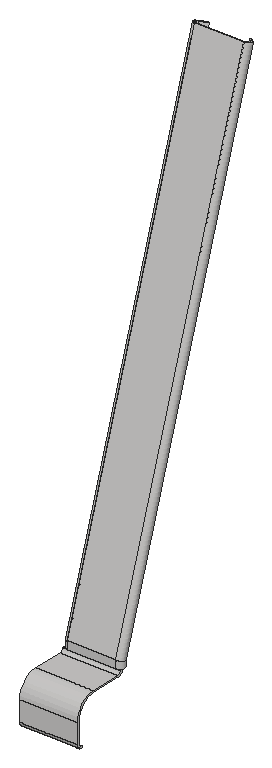
Revit family "PRD_FrankeWS_SlbUrnls_ConnectionPlateForTroughUrinal_ZCMPX0008", category Plumbing Fixtures, Revit 2018
Family settings
  Round Connector Dimension = Use Diameter
  Part Type = Normal
  OmniClass Number = 23.40.20.21
  OmniClass Title = Toilet and Bath Specialties
  Work Plane-Based = No
  Always vertical = No
  Cut with Voids When Loaded = No
  Shared = Yes
  Room Calculation Point = No
Parameters (values of type "ZCMPX0008")
  WarrantyStartDate [instance] = "1900-12-31T23:59:59"
  WarrantyGuarantorParts = "n/a"
  WarrantyGuarantorLabor = "n/a"
  WarrantyDurationUnit = "year"
  WarrantyDurationParts = "n/a"
  WarrantyDurationLabor = "n/a"
  WarrantyDescription = "n/a"
  Version = "1"
  Uniclass2015Version = "Products v1.5"
  Uniclass2015Title = "Slab urinals"
  Uniclass2015Code = "Pr_40_20_93_77"
  URL = "www.kwc.com"
  TagNumber [instance] = "n/a"
  SustainabilityPerformance = "n/a"
  Size = "n/a"
  Shape = "n/a"
  SerialNumber [instance] = "n/a"
  Revision = "n/a"
  ReplacementCost = "n/a"
  Reference = "n/a"
  ProductInformation = "https://pim.kwc.com/product/2000101123/attachment/datasheet?locale=en"
  NominalWidth = 9.00 mm
  NominalLength = 38.00 mm
  NominalHeight = 365.00 mm
  Name = "Connection plate for trough urinal ZCMPX0008"
  NBSTypeID = "n/a"
  NBSReference = "45-35-70/352"
  NBSOfficeMasterTag = "n/a"
  NBSNote = "n/a"
  NBSDescription = "Urinal assembly"
  NBSCertification = "n/a"
  ModelReference = "ZCMPX0008"
  ModelNumber = "2000101123"
  Model = ModelReference  # "ZCMPX0008"
  Material = "Stainless steel"
  ManufacturerURL = "www.kwc.com"
  ManufacturerName = "KWC Group AG"  # constant formula
  Manufacturer = ManufacturerName  # "KWC Group AG"
  InstallationDate [instance] = "1900-12-31T23:59:59"
  IfcExportType = "NOTDEFINED"
  IfcExportAs = "IfcBuildingElementProxy"
  Grade = "n/a"
  Finish = "Satin finished"
  Features = "Connection plate trough urinal"
  ExpectedLife = "n/a"
  DurationUnit = "year"
  Description = "Connection plate for trough urinal NIAGARA CMPX551 - CMPX555, stainless steel, surface satin finished, material thickness 1 mm. To cover the related joint of urinal combinations."
  Constituents = "n/a"
  ConnectionPlateMaterial = PRD_AR_StainlessSteel_SatinFinished
  Color = "Stainless steel"
  CodePerformance = "n/a"
  Category = "Pr_40_20_93_77, Slab urinals"
  BarCode [instance] = "n/a"
  BIMObjectName = "PRD_AR_SlabUrinals_ConnectionPlateForTroughUrinal_ZCMPX0008"
  Author = "Archispace"  # constant formula
  AssetType = "Fixed"
  AssetIdentifier [instance] = "n/a"
  AccessibilityPerformance = "n/a"
Reference planes
  plane 1 "Center (Front/Back)": y = 0
  plane 2: z = 0
  plane 3 "Center (Left/Right)": x = 0
Forms (mm)
  Sweep 1, solid, material "PRD_AR_StainlessSteel_SatinFinished" <- "ConnectionPlateMaterial", detail levels fine
    path origin (0, 0, 0) x (0, 1, 0) y (0, 0, 1)
      loop
        line (-96.649, 322.147) -> (-200, 7.804) -> (-200, 3)
    profile origin (0, -200, 3) x (1, 0, 0) y (0, 1, 0)
      loop
        line (-17.164, 3.414) -> (-13.3, 7.278) -> (-14.007, 7.985) -> (-17.871, 4.121)
        arc (-17.871, 4.121) -> (-18.522, 0.852) -> (-15.75, -1) r 3
        line (-15.75, -1) -> (15.75, -1)
        arc (15.75, -1) -> (18.522, 0.852) -> (17.871, 4.121) r 3
        line (17.871, 4.121) -> (14.007, 7.985) -> (13.3, 7.278) -> (17.164, 3.414)
        arc (17.164, 3.414) -> (17.598, 1.235) -> (15.75, 0) r 2
        line (15.75, 0) -> (-15.75, 0)
        arc (-15.75, 0) -> (-17.598, 1.235) -> (-17.164, 3.414) r 2
  Extrusion 2, solid, material "PRD_AR_StainlessSteel_SatinFinished" <- "ConnectionPlateMaterial", detail levels fine
    sketch origin (0, 0, 0) x (0, 1, 0) y (0, 0, 1)
      loop
        arc (-235, -12) -> (-231.485, -3.515) -> (-223, 0) r 12
        line (-223, 0) -> (-203, 0)
        arc (-203, 0) -> (-200.879, 0.879) -> (-200, 3) r 3
        line (-200, 3) -> (-201, 3)
        arc (-201, 3) -> (-201.586, 1.586) -> (-203, 1) r 2
        line (-203, 1) -> (-223, 1)
        arc (-223, 1) -> (-232.192, -2.808) -> (-236, -12) r 13
        line (-236, -12) -> (-236, -25)
        arc (-236, -25) -> (-235.121, -27.121) -> (-233, -28) r 3
        line (-233, -28) -> (-233, -27)
        arc (-233, -27) -> (-234.414, -26.414) -> (-235, -25) r 2
        line (-235, -25) -> (-235, -12)
    from -18.75 to 18.75
  Extrusion 3, solid, material "PRD_AR_StainlessSteel_SatinFinished" <- "ConnectionPlateMaterial", detail levels coarse+medium
    sketch origin (0, 0, 0) x (0, 1, 0) y (0, 0, 1)
      loop
        line (-192, 0) -> (-192, 6.523) -> (-89.05, 319.648) -> (-97.599, 322.459) -> (-203.29, 1) -> (-236, 1) -> (-236, -27) -> (-235, -27) -> (-235, 0) -> (-192, 0)
    from -18.75 to 18.75
Cuts and joins
  joined: Sweep 1, Extrusion 2
Dimensions and locks
  aligned and locked: level to plane 2
